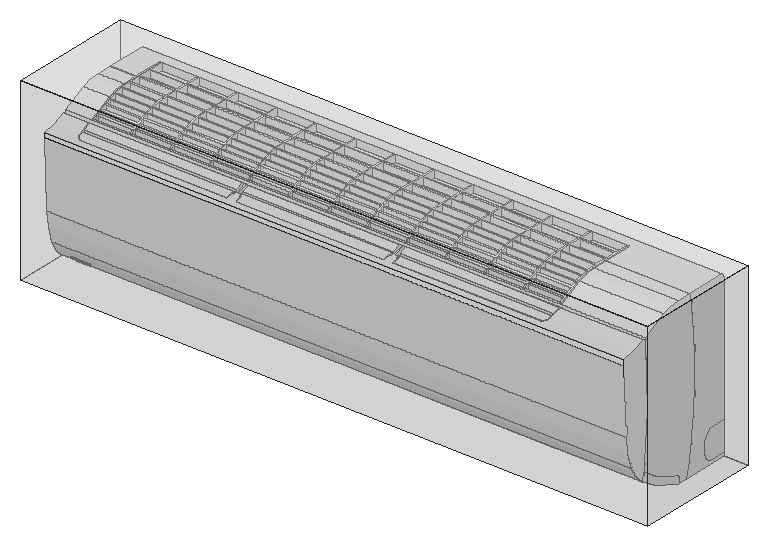
Revit family "outputfile", category 機械設備, Revit 2024
Family settings
  丸型コネクタ寸法 = 半径を使用
  パーツ タイプ = 標準
  OmniClass 番号 = 23.75.10.24.21.27.27
  OmniClass タイトル = Split System Air Conditioning Units
  作業面ベース = いいえ
  常に垂直 = はい
  ロード時にボイドで切り取り = いいえ
  注釈の向きを維持 = いいえ
  共有 = いいえ
  部屋計算ポイント = いいえ
Parameters (values of type "FAFC100AV1G")
  Description = ""
  製造元 = "Daikin"
  書き出し IFC クラス(タイプ) = "IfcUnitaryEquipmentType"
  定義済み IFC タイプ(タイプ) = "AIRCONDITIONINGUNIT"
  Cost = 0
  モデル = "FAFC100AV1G"
  Type Comments = ""
  Keynote = ""
  Type Image = (empty or 0)
  Assembly Code = ""
  switch_frequency = yes
  r_Liquid Pipe Size = Liquid Pipe Size / 2  # 4.75 mm
  r_Gas Pipe Size = Gas Pipe Size / 2  # 7.95 mm
  r_Drain Pipe Size = Drain Pipe Size / 2  # 6.5 mm
  lw_powersupply [instance] = if(Left Connection_refrigerant, 389.0 mm, if(Right Connection_refrigerant, 389.0 mm, if(or(Rear Left Connection_refrigerant, Bottom Left Connection_refrigerant), 1120.0 mm, 105.0 mm)))  # 389.0 mm
  lw_liquidpipe [instance] = if(Left Connection_refrigerant, 549.0 mm, if(Right Connection_refrigerant, 549.0 mm, if(or(Rear Left Connection_refrigerant, Bottom Left Connection_refrigerant), 1135.0 mm, 85.0 mm)))  # 549.0 mm
  lw_gaspipe [instance] = if(Left Connection_refrigerant, 489.0 mm, if(Right Connection_refrigerant, 489.0 mm, if(or(Rear Left Connection_refrigerant, Bottom Left Connection_refrigerant), 1150.0 mm, 70.0 mm)))  # 489.0 mm
  lw_drainpipe [instance] = if(Left Connection_refrigerant, 554.0 mm, if(Right Connection_refrigerant, 554.0 mm, if(or(Rear Left Connection_refrigerant, Bottom Left Connection_refrigerant), 1120.0 mm, 105.0 mm)))  # 554.0 mm
  l_powersupply_length [instance] = if(Right Connection_refrigerant, 389.0 mm, if(Left Connection_refrigerant, 811.0 mm, if(or(Rear Left Connection_refrigerant, Rear Right Connection_refrigerant), 15.0 mm, 50.0 mm)))  # 389.0 mm
  l_liquidpipe_length [instance] = if(Right Connection_refrigerant, 549.0 mm, if(Left Connection_refrigerant, 651.0 mm, if(or(Rear Left Connection_refrigerant, Rear Right Connection_refrigerant), 30.0 mm, 40.0 mm)))  # 549.0 mm
  l_gaspipe_length [instance] = if(Right Connection_refrigerant, 489.0 mm, if(Left Connection_refrigerant, 711.0 mm, if(or(Rear Left Connection_refrigerant, Rear Right Connection_refrigerant), 15.0 mm, 25.0 mm)))  # 489.0 mm
  l_drainpipe_length [instance] = if(Right Connection_refrigerant, 554.0 mm, if(Left Connection_refrigerant, 646.0 mm, if(or(Rear Left Connection_refrigerant, Rear Right Connection_refrigerant), 35.0 mm, 30.0 mm)))  # 554.0 mm
  h*** = 0.0 mm  # constant formula
  connector_voltage = Voltage_50Hz  # 230 V
  connector_powerinput = [Power Input (Cooling)]  # 0.000 kW
  connector_phase = Phase_50Hz  # 1
  angle_vertical [instance] = if(or(Bottom Left Connection_refrigerant, Bottom Right Connection_refrigerant), 0.00°, 90.00°)  # 90.00°
  angle_horizontal [instance] = if(Right Connection_refrigerant, 90.00°, if(Left Connection_refrigerant, -90.00°, if(or(Rear Left Connection_refrigerant, Rear Right Connection_refrigerant), 180.00°, 0.00°)))  # 90.00°
  Width = 1200.0 mm
  Voltage_comment_50Hz = "220 - 240"
  Voltage_50Hz = 230 V
  Version = "ver.1.0"
  Unit Type = "Wall Mounted"
  Unit Mass Weight = 18.00 kg
  Unit Designation [instance] = ""
  Uniclass2015Version = "Products v1.30"
  Uniclass2015Title = "Split coil room air conditioning units"
  Uniclass2015Code = "Pr_70_65_03_86"
  URL = ""
  Total Cooling Capacity [instance] = 0.000 kW
  Sound Pressure Level_M speed (dBA) = 48
  Sound Pressure Level_L speed (dBA) = 42
  Sound Pressure Level_H speed (dBA) = 53
  Sound Power Level_H speed (dB) = 0
  Series = "SkyAir_Fan Coil Unit"
  Sensible Cooling Capacity [instance] = 0.000 kW
  Refrigerant Type = "R32"
  Power Input (Cooling) = 0.000 kW
  Phase_50Hz = 1
  Option Accessory 3 [instance] = ""
  Option Accessory 2 [instance] = ""
  Option Accessory 1 [instance] = ""
  Nominal Cooling Capacity = 9.500 kW
  Minimum Circuit Amps_50Hz = 0.0 A
  Minimum Airflow = 1050.00 m³/h
  Median Airflow = 1290.00 m³/h
  Maximum Fuse Amps_50Hz = 0.0 A
  Maximum Airflow = 1530.00 m³/h
  Material_Casing = DAIKIN_PureWhite_Casing_indoorunit
  Load Classification = HVAC
  Liquid Pipe Size = 9.5 mm
  Link_Nested Family [instance] = ""
  IfcVersion = ""
  IfcExportType = "AIRCONDITIONINGUNIT"
  IfcExportAs = "IfcUnitaryEquipmentType"
  Height = 340.0 mm
  Heat Exchanger Type = "Cross Fin Coil"
  Gas Pipe Size = 15.9 mm
  Frequency_50Hz = 50 Hz
  Fan Type = "Cross Flow Fan"
  Fan Drive = "Direct Drive"
  FCU Tag No. [instance] = ""
  Drain Pipe Size = 13.0 mm
  Design Supply Airflow [instance] = 0.00 m³/h
  Depth = 259.0 mm
  既定の高さ = 0.0 mm
  Cooling Entering Wet Bulb Temperature [instance] = 0.00 °C
  Cooling Entering Dry Bulb Temperature [instance] = 0.00 °C
  Cooling Ambient Wet Bulb Temperature [instance] = 0.00 °C
  Cooling Ambient Dry Bulb Temperature [instance] = 0.00 °C
  Clearance visibility [instance] = yes
  Clearance Top = 30.0 mm
  Clearance Right = 50.0 mm
  Clearance Rear = 0.0 mm
  Clearance Left = 50.0 mm
  Clearance Front = 0.0 mm
  Clearance Bottom = 0.0 mm
  Bottom Right Connection_refrigerant [instance] = no
  Bottom Left Connection_refrigerant [instance] = no
  Rear Right Connection_refrigerant [instance] = no
  Rear Left Connection_refrigerant [instance] = no
  Right Connection_refrigerant [instance] = yes
  Left Connection_refrigerant [instance] = no
Reference planes
  plane 1 "Back": y = 0
  plane 2: z = 0
  plane 3 "Center (Left/Right)": x = 0
  plane 4 "Center (Front/Back)": y = -129.5
  plane 5 "Front": y = -259
  plane 6 "Left": x = -600
  plane 7 "Right": x = 600
  plane 8 "Top": z = 0
  plane 9 "Bottom": z = -340
  plane 10: x = -650
  plane 11: z = -340
  plane 12 "ld_drainpipe": y = -15
  plane 13 "ld_liquidpipe": y = -30
  plane 14: x = 111
  plane 15: x = 51
  plane 16: x = 46
  plane 17: z = 30
  plane 18: x = 650
  plane 19: y = 0
  plane 20: y = -259
  plane 21: x = 211
  plane 22: x = 511
  plane 23: y = -35
Forms (mm)
  Extrusion 1, solid, material "DAIKIN_PureWhite_Casing_indoorunit" <- "Material_Casing"
    sketch origin (0, 0, 0) x (1, 0, 0) y (0, 0, 1)
      loop
        circle (511, -295) r 40
      loop
        circle (-535, -295) r 40
    from 0 to 5
  Extrusion 2, solid, material "DAIKIN_PureWhite_Casing_indoorunit" <- "Material_Casing"
    sketch origin (600, 1296.25, 1200) x (0, -1, 0) y (0, 0, 1)
      loop
        line (1326.25, -1472) -> (1296.25, -1472) -> (1296.25, -1532) -> (1326.25, -1532)
        arc (1326.25, -1532) -> (1340.393, -1526.142) -> (1346.25, -1512) r 20
        line (1346.25, -1512) -> (1346.25, -1492)
        arc (1346.25, -1492) -> (1340.393, -1477.858) -> (1326.25, -1472) r 20
    from 0 to 5
  Extrusion 3, solid, material "DAIKIN_PureWhite_Casing_indoorunit" <- "Material_Casing"
    sketch origin (-600, 1296.25, 1200) x (0, 1, 0) y (0, 0, 1)
      loop
        line (-1296.25, -1472) -> (-1326.25, -1472)
        arc (-1326.25, -1472) -> (-1340.393, -1477.858) -> (-1346.25, -1492) r 20
        line (-1346.25, -1492) -> (-1346.25, -1512)
        arc (-1346.25, -1512) -> (-1340.393, -1526.142) -> (-1326.25, -1532) r 20
        line (-1326.25, -1532) -> (-1296.25, -1532) -> (-1296.25, -1472)
    from 0 to 5
  Extrusion 4, solid, material "DAIKIN_PureWhite_Casing_indoorunit" <- "Material_Casing"
    sketch origin (0, 0, -340) x (-1, 0, 0) y (0, -1, 0)
      loop
        line (-481, 0) -> (-481, 30)
        arc (-481, 30) -> (-486.858, 44.142) -> (-501, 50) r 20
        line (-501, 50) -> (-521, 50)
        arc (-521, 50) -> (-535.142, 44.142) -> (-541, 30) r 20
        line (-541, 30) -> (-541, 0) -> (-481, 0)
      loop
        line (565, 0) -> (565, 30)
        arc (565, 30) -> (559.142, 44.142) -> (545, 50) r 20
        line (545, 50) -> (525, 50)
        arc (525, 50) -> (510.858, 44.142) -> (505, 30) r 20
        line (505, 30) -> (505, 0) -> (565, 0)
    from 0 to 5
  Extrusion 5, solid, material "DAIKIN_PureWhite_Casing_indoorunit" <- "Material_Casing"
    sketch origin (-600, 1296.25, 1200) x (0, 1, 0) y (0, 0, 1)
      loop
        arc (-1384.085, -1200) -> (-1382.584, -1209.393) -> (-1381.156, -1218.797) r 1217.3
        arc (-1381.156, -1218.797) -> (-1378.93, -1237.783) -> (-1376.836, -1256.785) r 2738.4
        arc (-1376.836, -1256.785) -> (-1376.212, -1263.453) -> (-1375.66, -1270.127) r 616.9
        arc (-1375.66, -1270.127) -> (-1373.897, -1298.249) -> (-1372.816, -1326.405) r 1161.9
        arc (-1372.816, -1326.405) -> (-1372.551, -1347.31) -> (-1372.774, -1368.215) r 895.6
        arc (-1372.774, -1368.215) -> (-1373.847, -1397.407) -> (-1375.67, -1426.561) r 1135.9
        arc (-1375.67, -1426.561) -> (-1375.876, -1428.629) -> (-1376.05, -1430.7) r 137.566
        line (-1376.05, -1430.7) -> (-1376.748, -1437.825)
        arc (-1376.748, -1437.825) -> (-1376.846, -1438.875) -> (-1376.947, -1439.926) r 581.3
        arc (-1376.947, -1439.926) -> (-1378.672, -1455.935) -> (-1380.558, -1471.925) r 1594.373
        line (-1380.558, -1471.925) -> (-1381.15, -1476.7) -> (-1382.29, -1485.103)
        arc (-1382.29, -1485.103) -> (-1384.162, -1497.489) -> (-1386.134, -1509.86) r 1546.6
        arc (-1386.134, -1509.86) -> (-1388.869, -1524.943) -> (-1391.741, -1540) r 1684.8
        line (-1391.741, -1540) -> (-1296.25, -1540) -> (-1296.25, -1208) -> (-1301.25, -1200) -> (-1384.085, -1200)
    from 0 to 1200
  Extrusion 6, solid, material "DAIKIN_PureWhite_Casing_indoorunit" <- "Material_Casing"
    sketch origin (-600, 1296.25, 1200) x (0, 1, 0) y (0, 0, 1)
      loop
        arc (-1414.55, -1200) -> (-1434.024, -1201.914) -> (-1452.752, -1207.585) r 100
        arc (-1452.752, -1207.585) -> (-1476.474, -1218.33) -> (-1499.225, -1231) r 314.805
        line (-1499.225, -1231) -> (-1502.28, -1239.145)
        arc (-1502.28, -1239.145) -> (-1495.253, -1346.307) -> (-1501.778, -1453.5) r 851
        line (-1501.778, -1453.5) -> (-1501.982, -1455.13)
        arc (-1501.982, -1455.13) -> (-1503.516, -1466.618) -> (-1505.205, -1478.084) r 851
        arc (-1505.205, -1478.084) -> (-1474.895, -1497.904) -> (-1442.314, -1513.717) r 284.7
        arc (-1442.314, -1513.717) -> (-1431.603, -1517.85) -> (-1420.733, -1521.548) r 284.8
        arc (-1420.733, -1521.548) -> (-1416.044, -1524.921) -> (-1414.25, -1530.411) r 9.3
        line (-1414.25, -1530.411) -> (-1414.25, -1539.117)
        arc (-1414.25, -1539.117) -> (-1412.616, -1539.563) -> (-1410.98, -1540) r 299.8
        line (-1410.98, -1540) -> (-1391.741, -1540)
        arc (-1391.741, -1540) -> (-1389.65, -1529.113) -> (-1387.631, -1518.212) r 1684.8
        line (-1387.631, -1518.212) -> (-1386.731, -1513.212) -> (-1385.002, -1502.84)
        arc (-1385.002, -1502.84) -> (-1383.621, -1493.975) -> (-1382.29, -1485.103) r 1546.6
        line (-1382.29, -1485.103) -> (-1381.15, -1476.7) -> (-1380.558, -1471.925)
        arc (-1380.558, -1471.925) -> (-1378.672, -1455.935) -> (-1376.947, -1439.926) r 1594.373
        arc (-1376.947, -1439.926) -> (-1376.846, -1438.875) -> (-1376.75, -1437.8) r 581.3
        line (-1376.75, -1437.8) -> (-1376.05, -1430.7)
        arc (-1376.05, -1430.7) -> (-1375.876, -1428.629) -> (-1375.67, -1426.561) r 137.566
        arc (-1375.67, -1426.561) -> (-1373.847, -1397.407) -> (-1372.774, -1368.215) r 1135.9
        arc (-1372.774, -1368.215) -> (-1372.551, -1347.31) -> (-1372.816, -1326.405) r 895.6
        arc (-1372.816, -1326.405) -> (-1373.897, -1298.249) -> (-1375.66, -1270.127) r 1161.9
        arc (-1375.66, -1270.127) -> (-1376.212, -1263.453) -> (-1376.836, -1256.785) r 616.9
        arc (-1376.836, -1256.785) -> (-1378.693, -1239.872) -> (-1380.655, -1222.971) r 2738.4
        arc (-1380.655, -1222.971) -> (-1381.22, -1218.629) -> (-1381.831, -1214.293) r 417.8
        arc (-1381.831, -1214.293) -> (-1382.937, -1207.143) -> (-1384.085, -1200) r 1217.3
        line (-1384.085, -1200) -> (-1414.55, -1200)
    from 0 to 1200
  Extrusion 7, solid, material "DAIKIN_PureWhite_Casing_indoorunit" <- "Material_Casing"
    sketch origin (-600, 1296.25, 1200) x (0, 1, 0) y (0, 0, 1)
      loop
        arc (-1507.93, -1494.658) -> (-1478.905, -1512.844) -> (-1447.994, -1527.6) r 299.7
        arc (-1447.994, -1527.6) -> (-1431.293, -1533.86) -> (-1414.25, -1539.117) r 299.8
        line (-1414.25, -1539.117) -> (-1414.25, -1530.411)
        arc (-1414.25, -1530.411) -> (-1416.044, -1524.921) -> (-1420.733, -1521.548) r 9.3
        arc (-1420.733, -1521.548) -> (-1431.603, -1517.85) -> (-1442.314, -1513.717) r 284.8
        arc (-1442.314, -1513.717) -> (-1474.895, -1497.904) -> (-1505.205, -1478.084) r 284.7
        arc (-1505.205, -1478.084) -> (-1506.527, -1486.377) -> (-1507.93, -1494.658) r 851
    from 0 to 1200
  Extrusion 8, void
    sketch origin (-600, 1296.25, 1200) x (0, 1, 0) y (0, 0, 1)
      loop
        line (-1414.25, -1544.301) -> (-1414.25, -1530.411)
        arc (-1414.25, -1530.411) -> (-1416.044, -1524.921) -> (-1420.733, -1521.548) r 9.3
        arc (-1420.733, -1521.548) -> (-1431.603, -1517.85) -> (-1442.314, -1513.717) r 284.8
        arc (-1442.314, -1513.717) -> (-1474.895, -1497.904) -> (-1505.205, -1478.084) r 284.7
        arc (-1505.205, -1478.084) -> (-1506.979, -1489.099) -> (-1508.897, -1500.091) r 851
        arc (-1508.897, -1500.091) -> (-1480.28, -1517.791) -> (-1449.887, -1532.228) r 304.7
        arc (-1449.887, -1532.228) -> (-1432.255, -1538.815) -> (-1414.25, -1544.301) r 304.8
    from 47 to 1024
  Extrusion 9, solid, material "DAIKIN_PureWhite_Casing_indoorunit" <- "Material_Casing"
    sketch origin (-600, 1296.25, 1100) x (0, 1, 0) y (0, 0, 1)
      loop
        arc (-1507.885, -1394.678) -> (-1486.868, -1408.302) -> (-1464.786, -1420.124) r 299.701
        line (-1464.786, -1420.124) -> (-1458.696, -1407.518)
        arc (-1458.696, -1407.518) -> (-1482.692, -1394.492) -> (-1505.335, -1379.235) r 285.7
        arc (-1505.335, -1379.235) -> (-1506.574, -1386.963) -> (-1507.885, -1394.678) r 851.024
      loop
        arc (-1448.076, -1427.563) -> (-1441.661, -1430.104) -> (-1435.19, -1432.496) r 299.8
        line (-1435.19, -1432.496) -> (-1430.487, -1419.314)
        arc (-1430.487, -1419.314) -> (-1444.37, -1413.95) -> (-1457.955, -1407.87) r 285.8
        line (-1457.955, -1407.87) -> (-1464.006, -1420.505)
        arc (-1464.006, -1420.505) -> (-1456.092, -1424.15) -> (-1448.076, -1427.563) r 299.705
    from 52 to 1019
  Extrusion 10, solid, material "DAIKIN_PureWhite_Casing_indoorunit" <- "Material_Casing"
    sketch origin (-600, 1296.25, 1200) x (0, 1, 0) y (0, 0, 1)
      loop
        arc (-1507.918, -1494.588) -> (-1495.467, -1367.485) -> (-1502.176, -1239.949) r 851
        arc (-1502.176, -1239.949) -> (-1502.486, -1237.562) -> (-1502.803, -1235.176) r 851
        line (-1502.803, -1235.176) -> (-1504.147, -1234)
        arc (-1504.147, -1234) -> (-1529.2, -1243.032) -> (-1555.25, -1248.565) r 195
        line (-1555.25, -1248.565) -> (-1555.25, -1258.08)
        arc (-1555.25, -1258.08) -> (-1553.575, -1326.437) -> (-1549.278, -1394.679) r 1781.946
        arc (-1549.278, -1394.679) -> (-1544.581, -1427.054) -> (-1535.917, -1458.6) r 264.022
        arc (-1535.917, -1458.6) -> (-1524.928, -1478.936) -> (-1507.918, -1494.588) r 70.049
    from 0 to 1200
  Extrusion 11, void
    sketch origin (-600, 1296.25, 1200) x (0, 1, 0) y (0, 0, 1)
      loop
        line (-1496.75, -1223.686) -> (-1496.75, -1247.152)
        arc (-1496.75, -1247.152) -> (-1472.513, -1233.15) -> (-1447.076, -1221.469) r 299.805
        arc (-1447.076, -1221.469) -> (-1431.132, -1216.633) -> (-1414.55, -1215) r 85
        line (-1414.55, -1215) -> (-1324.05, -1215) -> (-1324.05, -1195) -> (-1414.55, -1195)
        arc (-1414.55, -1195) -> (-1434.988, -1197.008) -> (-1454.644, -1202.956) r 105
        arc (-1454.644, -1202.956) -> (-1476.078, -1212.547) -> (-1496.75, -1223.686) r 319.805
    from 53 to 1025
  Extrusion 12, solid, material "DAIKIN_PureWhite_Casing_indoorunit" <- "Material_Casing"
    sketch origin (-600, 1296.25, 1200) x (0, 1, 0) y (0, 0, 1)
      loop
        line (-1324.05, -1200) -> (-1414.55, -1200)
        arc (-1414.55, -1200) -> (-1434.024, -1201.914) -> (-1452.752, -1207.585) r 100
        arc (-1452.752, -1207.585) -> (-1475.18, -1217.682) -> (-1496.75, -1229.5) r 314.805
        line (-1496.75, -1229.5) -> (-1496.75, -1247.152)
        arc (-1496.75, -1247.152) -> (-1472.513, -1233.15) -> (-1447.076, -1221.469) r 299.805
        arc (-1447.076, -1221.469) -> (-1431.132, -1216.633) -> (-1414.55, -1215) r 85
        line (-1414.55, -1215) -> (-1324.05, -1215) -> (-1324.05, -1200)
    from 53 to 1025
  Extrusion 13, void
    sketch origin (0, 0, 770.025) x (-1, 0, 0) y (0, -1, 0)
      loop
        arc (546.513, 235.15) -> (542.989, 242.307) -> (535.554, 245.2) r 11
        line (535.554, 245.2) -> (233.402, 245.2) -> (233.402, 231.7) -> (230.402, 231.7) -> (230.402, 227.2) -> (225.152, 227.2) -> (225.152, 206.552) -> (550.37, 206.552)
        arc (550.37, 206.552) -> (549.357, 206.947) -> (548.876, 207.923) r 1.5
        line (548.876, 207.923) -> (546.513, 235.15)
      loop
        arc (-413.554, 245.2) -> (-420.989, 242.307) -> (-424.513, 235.15) r 11
        line (-424.513, 235.15) -> (-426.876, 207.923)
        arc (-426.876, 207.923) -> (-427.357, 206.947) -> (-428.371, 206.552) r 1.5
        line (-428.371, 206.552) -> (-102.848, 206.552) -> (-102.848, 227.2) -> (-108.098, 227.2) -> (-108.098, 231.7) -> (-111.098, 231.7) -> (-111.098, 245.2) -> (-413.554, 245.2)
      loop
        line (222.652, 206.552) -> (222.652, 227.2) -> (217.402, 227.2) -> (217.402, 231.7) -> (214.402, 231.7) -> (214.402, 245.2) -> (-92.098, 245.2) -> (-92.098, 231.7) -> (-95.098, 231.7) -> (-95.098, 227.2) -> (-100.348, 227.2) -> (-100.348, 206.552) -> (222.652, 206.552)
    from -820.404 to -800.025
  Extrusion 14, solid, material "DAIKIN_PureWhite_Casing_indoorunit" <- "Material_Casing"
    sketch origin (0, 0, 820.025) x (-1, 0, 0) y (0, -1, 0)
      loop
        arc (546.513, 235.15) -> (542.989, 242.307) -> (535.554, 245.2) r 11
        line (535.554, 245.2) -> (233.402, 245.2) -> (233.402, 231.7) -> (230.402, 231.7) -> (230.402, 227.2) -> (547.202, 227.2) -> (546.513, 235.15)
      loop
        arc (-413.554, 245.2) -> (-420.989, 242.307) -> (-424.513, 235.15) r 11
        line (-424.513, 235.15) -> (-425.202, 227.2) -> (-108.098, 227.2) -> (-108.098, 231.7) -> (-111.098, 231.7) -> (-111.098, 245.2) -> (-413.554, 245.2)
      loop
        line (548.876, 207.897) -> (547.566, 223) -> (230.402, 223) -> (230.402, 206.552) -> (550.37, 206.552)
        arc (550.37, 206.552) -> (549.357, 206.947) -> (548.876, 207.897) r 1.5
      loop
        line (-108.098, 206.552) -> (-108.098, 223) -> (-425.567, 223) -> (-426.876, 207.923)
        arc (-426.876, 207.923) -> (-427.357, 206.947) -> (-428.371, 206.552) r 1.5
        line (-428.371, 206.552) -> (-108.098, 206.552)
      loop
        line (217.402, 206.552) -> (217.402, 223) -> (-95.098, 223) -> (-95.098, 206.552) -> (217.402, 206.552)
      loop
        line (214.402, 245.2) -> (-92.098, 245.2) -> (-92.098, 231.7) -> (-95.098, 231.7) -> (-95.098, 227.2) -> (217.402, 227.2) -> (217.402, 231.7) -> (214.402, 231.7) -> (214.402, 245.2)
    from -869.974 to -850.025
  Extrusion 15, void
    sketch origin (-600, 1296.25, 1200) x (0, 1, 0) y (0, 0, 1)
      loop
        line (-1504.147, -1234) -> (-1502.803, -1235.176) -> (-1502.803, -1226.787) -> (-1541.45, -1226.787) -> (-1541.45, -1246.098)
        arc (-1541.45, -1246.098) -> (-1522.494, -1240.989) -> (-1504.147, -1234) r 195
    from 42.955 to 1056.244
  Extrusion 16, void
    sketch origin (2000, -3000, 770.025) x (-1, 0, 0) y (0, -1, 0)
      loop
        line (2469.102, -2972.2) -> (2543, -2972.2) -> (2543, -2944.306) -> (2469.102, -2944.306) -> (2469.102, -2972.2)
      loop
        line (2469.102, -2806.638) -> (2543, -2806.638) -> (2543, -2799.5) -> (2469.102, -2799.5) -> (2469.102, -2806.638)
      loop
        line (2469.102, -2816.646) -> (2543, -2816.646) -> (2543, -2809.343) -> (2469.102, -2809.343) -> (2469.102, -2816.646)
      loop
        line (2469.102, -2827.654) -> (2543, -2827.654) -> (2543, -2819.336) -> (2469.102, -2819.336) -> (2469.102, -2827.654)
      loop
        line (2469.102, -2838.661) -> (2543, -2838.661) -> (2543, -2830.33) -> (2469.102, -2830.33) -> (2469.102, -2838.661)
      loop
        line (2469.102, -2852.675) -> (2543, -2852.675) -> (2543, -2841.325) -> (2469.102, -2841.325) -> (2469.102, -2852.675)
      loop
        line (2469.102, -2868.69) -> (2543, -2868.69) -> (2543, -2855.314) -> (2469.102, -2855.314) -> (2469.102, -2868.69)
      loop
        line (2469.102, -2889.694) -> (2543, -2889.694) -> (2543, -2871.306) -> (2469.102, -2871.306) -> (2469.102, -2889.694)
      loop
        line (2469.102, -2913.694) -> (2543, -2913.694) -> (2543, -2892.306) -> (2469.102, -2892.306) -> (2469.102, -2913.694)
      loop
        line (2469.102, -2941.694) -> (2543, -2941.694) -> (2543, -2916.306) -> (2469.102, -2916.306) -> (2469.102, -2941.694)
      loop
        line (2387.902, -2972.2) -> (2466.102, -2972.2) -> (2466.102, -2944.306) -> (2387.902, -2944.306) -> (2387.902, -2972.2)
      loop
        line (2387.902, -2806.638) -> (2466.102, -2806.638) -> (2466.102, -2799.5) -> (2387.902, -2799.5) -> (2387.902, -2806.638)
      loop
        line (2387.902, -2816.646) -> (2466.102, -2816.646) -> (2466.102, -2809.343) -> (2387.902, -2809.343) -> (2387.902, -2816.646)
      loop
        line (2387.902, -2827.654) -> (2466.102, -2827.654) -> (2466.102, -2819.336) -> (2387.902, -2819.336) -> (2387.902, -2827.654)
      loop
        line (2387.902, -2838.661) -> (2466.102, -2838.661) -> (2466.102, -2830.33) -> (2387.902, -2830.33) -> (2387.902, -2838.661)
      loop
        line (2387.902, -2852.675) -> (2466.102, -2852.675) -> (2466.102, -2841.325) -> (2387.902, -2841.325) -> (2387.902, -2852.675)
      loop
        line (2387.902, -2868.69) -> (2466.102, -2868.69) -> (2466.102, -2855.314) -> (2387.902, -2855.314) -> (2387.902, -2868.69)
      loop
        line (2387.902, -2889.694) -> (2466.102, -2889.694) -> (2466.102, -2871.306) -> (2387.902, -2871.306) -> (2387.902, -2889.694)
      loop
        line (2387.902, -2913.694) -> (2466.102, -2913.694) -> (2466.102, -2892.306) -> (2387.902, -2892.306) -> (2387.902, -2913.694)
      loop
        line (2387.902, -2941.694) -> (2466.102, -2941.694) -> (2466.102, -2916.306) -> (2387.902, -2916.306) -> (2387.902, -2941.694)
      loop
        line (2225.152, -2972.2) -> (2303.702, -2972.2) -> (2303.702, -2944.306) -> (2225.152, -2944.306) -> (2225.152, -2972.2)
      loop
        line (2225.152, -2806.638) -> (2303.702, -2806.638) -> (2303.702, -2799.5) -> (2225.152, -2799.5) -> (2225.152, -2806.638)
      loop
        line (2225.152, -2816.646) -> (2303.702, -2816.646) -> (2303.702, -2809.343) -> (2225.152, -2809.343) -> (2225.152, -2816.646)
      loop
        line (2225.152, -2827.654) -> (2303.702, -2827.654) -> (2303.702, -2819.336) -> (2225.152, -2819.336) -> (2225.152, -2827.654)
      loop
        line (2225.152, -2838.661) -> (2303.702, -2838.661) -> (2303.702, -2830.33) -> (2225.152, -2830.33) -> (2225.152, -2838.661)
      loop
        line (2225.152, -2852.675) -> (2303.702, -2852.675) -> (2303.702, -2841.325) -> (2225.152, -2841.325) -> (2225.152, -2852.675)
      loop
        line (2225.152, -2868.69) -> (2303.702, -2868.69) -> (2303.702, -2855.314) -> (2225.152, -2855.314) -> (2225.152, -2868.69)
      loop
        line (2225.152, -2889.694) -> (2303.702, -2889.694) -> (2303.702, -2871.306) -> (2225.152, -2871.306) -> (2225.152, -2889.694)
      loop
        line (2225.152, -2913.694) -> (2303.702, -2913.694) -> (2303.702, -2892.306) -> (2225.152, -2892.306) -> (2225.152, -2913.694)
      loop
        line (2225.152, -2941.694) -> (2303.702, -2941.694) -> (2303.702, -2916.306) -> (2225.152, -2916.306) -> (2225.152, -2941.694)
      loop
        line (2306.702, -2972.2) -> (2384.902, -2972.2) -> (2384.902, -2944.306) -> (2306.702, -2944.306) -> (2306.702, -2972.2)
      loop
        line (2306.702, -2806.638) -> (2384.902, -2806.638) -> (2384.902, -2799.5) -> (2306.702, -2799.5) -> (2306.702, -2806.638)
      loop
        line (2306.702, -2816.646) -> (2384.902, -2816.646) -> (2384.902, -2809.343) -> (2306.702, -2809.343) -> (2306.702, -2816.646)
      loop
        line (2306.702, -2827.654) -> (2384.902, -2827.654) -> (2384.902, -2819.336) -> (2306.702, -2819.336) -> (2306.702, -2827.654)
      loop
        line (2306.702, -2838.661) -> (2384.902, -2838.661) -> (2384.902, -2830.33) -> (2306.702, -2830.33) -> (2306.702, -2838.661)
      loop
        line (2306.702, -2852.675) -> (2384.902, -2852.675) -> (2384.902, -2841.325) -> (2306.702, -2841.325) -> (2306.702, -2852.675)
      loop
        line (2306.702, -2868.69) -> (2384.902, -2868.69) -> (2384.902, -2855.314) -> (2306.702, -2855.314) -> (2306.702, -2868.69)
      loop
        line (2306.702, -2889.694) -> (2384.902, -2889.694) -> (2384.902, -2871.306) -> (2306.702, -2871.306) -> (2306.702, -2889.694)
      loop
        line (2306.702, -2913.694) -> (2384.902, -2913.694) -> (2384.902, -2892.306) -> (2306.702, -2892.306) -> (2306.702, -2913.694)
      loop
        line (2306.702, -2941.694) -> (2384.902, -2941.694) -> (2384.902, -2916.306) -> (2306.702, -2916.306) -> (2306.702, -2941.694)
      loop
        line (2143.602, -2972.2) -> (2222.652, -2972.2) -> (2222.652, -2944.306) -> (2143.602, -2944.306) -> (2143.602, -2972.2)
      loop
        line (2143.602, -2806.638) -> (2222.652, -2806.638) -> (2222.652, -2799.5) -> (2143.602, -2799.5) -> (2143.602, -2806.638)
      loop
        line (2143.602, -2816.646) -> (2222.652, -2816.646) -> (2222.652, -2809.343) -> (2143.602, -2809.343) -> (2143.602, -2816.646)
      loop
        line (2143.602, -2827.654) -> (2222.652, -2827.654) -> (2222.652, -2819.336) -> (2143.602, -2819.336) -> (2143.602, -2827.654)
      loop
        line (2143.602, -2838.661) -> (2222.652, -2838.661) -> (2222.652, -2830.33) -> (2143.602, -2830.33) -> (2143.602, -2838.661)
      loop
        line (2143.602, -2852.675) -> (2222.652, -2852.675) -> (2222.652, -2841.325) -> (2143.602, -2841.325) -> (2143.602, -2852.675)
      loop
        line (2143.602, -2868.69) -> (2222.652, -2868.69) -> (2222.652, -2855.314) -> (2143.602, -2855.314) -> (2143.602, -2868.69)
      loop
        line (2143.602, -2889.694) -> (2222.652, -2889.694) -> (2222.652, -2871.306) -> (2143.602, -2871.306) -> (2143.602, -2889.694)
      loop
        line (2143.602, -2913.694) -> (2222.652, -2913.694) -> (2222.652, -2892.306) -> (2143.602, -2892.306) -> (2143.602, -2913.694)
      loop
        line (2143.602, -2941.694) -> (2222.652, -2941.694) -> (2222.652, -2916.306) -> (2143.602, -2916.306) -> (2143.602, -2941.694)
      loop
        line (2062.402, -2972.2) -> (2140.602, -2972.2) -> (2140.602, -2944.306) -> (2062.402, -2944.306) -> (2062.402, -2972.2)
      loop
        line (2062.402, -2806.638) -> (2140.602, -2806.638) -> (2140.602, -2799.5) -> (2062.402, -2799.5) -> (2062.402, -2806.638)
      loop
        line (2062.402, -2816.646) -> (2140.602, -2816.646) -> (2140.602, -2809.343) -> (2062.402, -2809.343) -> (2062.402, -2816.646)
      loop
        line (2062.402, -2827.654) -> (2140.602, -2827.654) -> (2140.602, -2819.336) -> (2062.402, -2819.336) -> (2062.402, -2827.654)
      loop
        line (2062.402, -2838.661) -> (2140.602, -2838.661) -> (2140.602, -2830.33) -> (2062.402, -2830.33) -> (2062.402, -2838.661)
      loop
        line (2062.402, -2852.675) -> (2140.602, -2852.675) -> (2140.602, -2841.325) -> (2062.402, -2841.325) -> (2062.402, -2852.675)
      loop
        line (2062.402, -2868.69) -> (2140.602, -2868.69) -> (2140.602, -2855.314) -> (2062.402, -2855.314) -> (2062.402, -2868.69)
      loop
        line (2062.402, -2889.694) -> (2140.602, -2889.694) -> (2140.602, -2871.306) -> (2062.402, -2871.306) -> (2062.402, -2889.694)
      loop
        line (2062.402, -2913.694) -> (2140.602, -2913.694) -> (2140.602, -2892.306) -> (2062.402, -2892.306) -> (2062.402, -2913.694)
      loop
        line (2062.402, -2941.694) -> (2140.602, -2941.694) -> (2140.602, -2916.306) -> (2062.402, -2916.306) -> (2062.402, -2941.694)
      loop
        line (1981.202, -2972.2) -> (2059.402, -2972.2) -> (2059.402, -2944.306) -> (1981.202, -2944.306) -> (1981.202, -2972.2)
      loop
        line (1981.202, -2806.638) -> (2059.402, -2806.638) -> (2059.402, -2799.5) -> (1981.202, -2799.5) -> (1981.202, -2806.638)
      loop
        line (1981.202, -2816.646) -> (2059.402, -2816.646) -> (2059.402, -2809.343) -> (1981.202, -2809.343) -> (1981.202, -2816.646)
      loop
        line (1981.202, -2827.654) -> (2059.402, -2827.654) -> (2059.402, -2819.336) -> (1981.202, -2819.336) -> (1981.202, -2827.654)
      loop
        line (1981.202, -2838.661) -> (2059.402, -2838.661) -> (2059.402, -2830.33) -> (1981.202, -2830.33) -> (1981.202, -2838.661)
      loop
        line (1981.202, -2852.675) -> (2059.402, -2852.675) -> (2059.402, -2841.325) -> (1981.202, -2841.325) -> (1981.202, -2852.675)
      loop
        line (1981.202, -2868.69) -> (2059.402, -2868.69) -> (2059.402, -2855.314) -> (1981.202, -2855.314) -> (1981.202, -2868.69)
      loop
        line (1981.202, -2889.694) -> (2059.402, -2889.694) -> (2059.402, -2871.306) -> (1981.202, -2871.306) -> (1981.202, -2889.694)
      loop
        line (1981.202, -2913.694) -> (2059.402, -2913.694) -> (2059.402, -2892.306) -> (1981.202, -2892.306) -> (1981.202, -2913.694)
      loop
        line (1981.202, -2941.694) -> (2059.402, -2941.694) -> (2059.402, -2916.306) -> (1981.202, -2916.306) -> (1981.202, -2941.694)
      loop
        line (1899.652, -2972.2) -> (1978.202, -2972.2) -> (1978.202, -2944.306) -> (1899.652, -2944.306) -> (1899.652, -2972.2)
      loop
        line (1899.652, -2806.638) -> (1978.202, -2806.638) -> (1978.202, -2799.5) -> (1899.652, -2799.5) -> (1899.652, -2806.638)
      loop
        line (1899.652, -2816.646) -> (1978.202, -2816.646) -> (1978.202, -2809.343) -> (1899.652, -2809.343) -> (1899.652, -2816.646)
      loop
        line (1899.652, -2827.654) -> (1978.202, -2827.654) -> (1978.202, -2819.336) -> (1899.652, -2819.336) -> (1899.652, -2827.654)
      loop
        line (1899.652, -2838.661) -> (1978.202, -2838.661) -> (1978.202, -2830.33) -> (1899.652, -2830.33) -> (1899.652, -2838.661)
      loop
        line (1899.652, -2852.675) -> (1978.202, -2852.675) -> (1978.202, -2841.325) -> (1899.652, -2841.325) -> (1899.652, -2852.675)
      loop
        line (1899.652, -2868.69) -> (1978.202, -2868.69) -> (1978.202, -2855.314) -> (1899.652, -2855.314) -> (1899.652, -2868.69)
      loop
        line (1899.652, -2889.694) -> (1978.202, -2889.694) -> (1978.202, -2871.306) -> (1899.652, -2871.306) -> (1899.652, -2889.694)
      loop
        line (1899.652, -2913.694) -> (1978.202, -2913.694) -> (1978.202, -2892.306) -> (1899.652, -2892.306) -> (1899.652, -2913.694)
      loop
        line (1899.652, -2941.694) -> (1978.202, -2941.694) -> (1978.202, -2916.306) -> (1899.652, -2916.306) -> (1899.652, -2941.694)
      loop
        line (1818.102, -2972.2) -> (1897.152, -2972.2) -> (1897.152, -2944.306) -> (1818.102, -2944.306) -> (1818.102, -2972.2)
      loop
        line (1818.102, -2806.638) -> (1897.152, -2806.638) -> (1897.152, -2799.5) -> (1818.102, -2799.5) -> (1818.102, -2806.638)
      loop
        line (1818.102, -2816.646) -> (1897.152, -2816.646) -> (1897.152, -2809.343) -> (1818.102, -2809.343) -> (1818.102, -2816.646)
      loop
        line (1818.102, -2827.654) -> (1897.152, -2827.654) -> (1897.152, -2819.336) -> (1818.102, -2819.336) -> (1818.102, -2827.654)
      loop
        line (1818.102, -2838.661) -> (1897.152, -2838.661) -> (1897.152, -2830.33) -> (1818.102, -2830.33) -> (1818.102, -2838.661)
      loop
        line (1818.102, -2852.675) -> (1897.152, -2852.675) -> (1897.152, -2841.325) -> (1818.102, -2841.325) -> (1818.102, -2852.675)
      loop
        line (1818.102, -2868.69) -> (1897.152, -2868.69) -> (1897.152, -2855.314) -> (1818.102, -2855.314) -> (1818.102, -2868.69)
      loop
        line (1818.102, -2889.694) -> (1897.152, -2889.694) -> (1897.152, -2871.306) -> (1818.102, -2871.306) -> (1818.102, -2889.694)
      loop
        line (1818.102, -2913.694) -> (1897.152, -2913.694) -> (1897.152, -2892.306) -> (1818.102, -2892.306) -> (1818.102, -2913.694)
      loop
        line (1818.102, -2941.694) -> (1897.152, -2941.694) -> (1897.152, -2916.306) -> (1818.102, -2916.306) -> (1818.102, -2941.694)
      loop
        line (1736.902, -2972.2) -> (1815.102, -2972.2) -> (1815.102, -2944.306) -> (1736.902, -2944.306) -> (1736.902, -2972.2)
      loop
        line (1736.902, -2806.638) -> (1815.102, -2806.638) -> (1815.102, -2799.5) -> (1736.902, -2799.5) -> (1736.902, -2806.638)
      loop
        line (1736.902, -2816.646) -> (1815.102, -2816.646) -> (1815.102, -2809.343) -> (1736.902, -2809.343) -> (1736.902, -2816.646)
      loop
        line (1736.902, -2827.654) -> (1815.102, -2827.654) -> (1815.102, -2819.336) -> (1736.902, -2819.336) -> (1736.902, -2827.654)
      loop
        line (1736.902, -2838.661) -> (1815.102, -2838.661) -> (1815.102, -2830.33) -> (1736.902, -2830.33) -> (1736.902, -2838.661)
      loop
        line (1736.902, -2852.675) -> (1815.102, -2852.675) -> (1815.102, -2841.325) -> (1736.902, -2841.325) -> (1736.902, -2852.675)
      loop
        line (1736.902, -2868.69) -> (1815.102, -2868.69) -> (1815.102, -2855.314) -> (1736.902, -2855.314) -> (1736.902, -2868.69)
      loop
        line (1736.902, -2889.694) -> (1815.102, -2889.694) -> (1815.102, -2871.306) -> (1736.902, -2871.306) -> (1736.902, -2889.694)
      loop
        line (1736.902, -2913.694) -> (1815.102, -2913.694) -> (1815.102, -2892.306) -> (1736.902, -2892.306) -> (1736.902, -2913.694)
      loop
        line (1736.902, -2941.694) -> (1815.102, -2941.694) -> (1815.102, -2916.306) -> (1736.902, -2916.306) -> (1736.902, -2941.694)
      loop
        line (1655.702, -2972.2) -> (1733.902, -2972.2) -> (1733.902, -2944.306) -> (1655.702, -2944.306) -> (1655.702, -2972.2)
      loop
        line (1655.702, -2806.638) -> (1733.902, -2806.638) -> (1733.902, -2799.5) -> (1655.702, -2799.5) -> (1655.702, -2806.638)
      loop
        line (1655.702, -2816.646) -> (1733.902, -2816.646) -> (1733.902, -2809.343) -> (1655.702, -2809.343) -> (1655.702, -2816.646)
      loop
        line (1655.702, -2827.654) -> (1733.902, -2827.654) -> (1733.902, -2819.336) -> (1655.702, -2819.336) -> (1655.702, -2827.654)
      loop
        line (1655.702, -2838.661) -> (1733.902, -2838.661) -> (1733.902, -2830.33) -> (1655.702, -2830.33) -> (1655.702, -2838.661)
      loop
        line (1655.702, -2852.675) -> (1733.902, -2852.675) -> (1733.902, -2841.325) -> (1655.702, -2841.325) -> (1655.702, -2852.675)
      loop
        line (1655.702, -2868.69) -> (1733.902, -2868.69) -> (1733.902, -2855.314) -> (1655.702, -2855.314) -> (1655.702, -2868.69)
      loop
        line (1655.702, -2889.694) -> (1733.902, -2889.694) -> (1733.902, -2871.306) -> (1655.702, -2871.306) -> (1655.702, -2889.694)
      loop
        line (1655.702, -2913.694) -> (1733.902, -2913.694) -> (1733.902, -2892.306) -> (1655.702, -2892.306) -> (1655.702, -2913.694)
      loop
        line (1655.702, -2941.694) -> (1733.902, -2941.694) -> (1733.902, -2916.306) -> (1655.702, -2916.306) -> (1655.702, -2941.694)
      loop
        line (1579, -2972.2) -> (1652.702, -2972.2) -> (1652.702, -2944.306) -> (1579, -2944.306) -> (1579, -2972.2)
      loop
        line (1579, -2806.638) -> (1652.702, -2806.638) -> (1652.702, -2799.5) -> (1579, -2799.5) -> (1579, -2806.638)
      loop
        line (1579, -2816.646) -> (1652.702, -2816.646) -> (1652.702, -2809.343) -> (1579, -2809.343) -> (1579, -2816.646)
      loop
        line (1579, -2827.654) -> (1652.702, -2827.654) -> (1652.702, -2819.336) -> (1579, -2819.336) -> (1579, -2827.654)
      loop
        line (1579, -2838.661) -> (1652.702, -2838.661) -> (1652.702, -2830.33) -> (1579, -2830.33) -> (1579, -2838.661)
      loop
        line (1579, -2852.675) -> (1652.702, -2852.675) -> (1652.702, -2841.325) -> (1579, -2841.325) -> (1579, -2852.675)
      loop
        line (1579, -2868.69) -> (1652.702, -2868.69) -> (1652.702, -2855.314) -> (1579, -2855.314) -> (1579, -2868.69)
      loop
        line (1579, -2889.694) -> (1652.702, -2889.694) -> (1652.702, -2871.306) -> (1579, -2871.306) -> (1579, -2889.694)
      loop
        line (1579, -2913.694) -> (1652.702, -2913.694) -> (1652.702, -2892.306) -> (1579, -2892.306) -> (1579, -2913.694)
      loop
        line (1579, -2941.694) -> (1652.702, -2941.694) -> (1652.702, -2916.306) -> (1579, -2916.306) -> (1579, -2941.694)
    from -762.353 to -819.974
Cuts and joins
  Extrusion 8 cuts Extrusion 7
  Extrusion 11 cuts Extrusion 5
  Extrusion 11 cuts Extrusion 6
  Extrusion 13 cuts Extrusion 10
  Extrusion 15 cuts Extrusion 14
  Extrusion 16 cuts Extrusion 12
Lines and regions (mm)
  reference lines
    curve 1: line (-523, -227.534, -280.336) -> (-523, -220.902, -287.82)
Dimensions and locks
  equal spacing: plane 6 "Left", plane 3 "Center (Left/Right)", plane 7 "Right"
  "Width": plane 6 "Left" to plane 7 "Right"
  equal spacing: plane 5 "Front", plane 4 "Center (Front/Back)", plane 1 "Back"
  "Depth": plane 5 "Front" to plane 1 "Back"
  "Height": plane 8 "Top" to plane 9 "Bottom"
  "Clearance Bottom": plane 9 "Bottom" to plane 11
  locked: plane 9 "Bottom" to Extrusion 1 sketch curve at 45  (x2)
  locked: Extrusion 1 sketch curve to plane 6 "Left" at 65
  locked: plane 7 "Right" to Extrusion 1 sketch curve at 89
  locked: plane 12 "ld_drainpipe" to plane 1 "Back" at 15
  locked: plane 1 "Back" to plane 13 "ld_liquidpipe" at 30
  Extrusion 2 sketch curve to Extrusion 2 sketch curve to plane 9 "Bottom" = 60.0 mm locked, 8.0 mm locked
  locked: Extrusion 2 sketch curve to Extrusion 2 sketch curve at 50
  locked: Extrusion 4 sketch curve to Extrusion 4 sketch curve at 60  (x2)
  locked: Extrusion 4 sketch curve to Extrusion 4 sketch curve at 50
  locked: plane 6 "Left" to Extrusion 4 sketch curve at 35
  "Clearance Left": plane 10 to plane 6 "Left"
  locked: Extrusion 4 sketch curve to plane 7 "Right" at 59
  "Clearance Top": plane 17 to plane 8 "Top"
  "Clearance Right": plane 7 "Right" to plane 18
  "Clearance Rear": plane 1 "Back" to plane 19
  "Clearance Front": plane 20 to plane 5 "Front"
  locked: plane 22 to plane 7 "Right" at 89
  "lw_powersupply": plane 21 to plane 7 "Right"
  "lw_gaspipe": plane 14 to plane 7 "Right"
  "lw_liquidpipe": plane 15 to plane 7 "Right"
  "lw_drainpipe": plane 16 to plane 7 "Right"
  locked: plane 23 to plane 1 "Back" at 35
  aligned and locked: level to plane 2
  aligned and locked: plane 10 to nested 1
  aligned and locked: plane 11 to nested 1
  aligned and locked: plane 1 "Back" to Extrusion 2 sketch curve
  aligned and locked: Extrusion 3 sketch curve to Extrusion 2  (x4)
  aligned and locked: Extrusion 4 sketch curve to Extrusion 4 sketch curve  (x2)
  aligned and locked: plane 1 "Back" to Extrusion 4 sketch curve
  aligned and locked: nested 4 to plane 13 "ld_liquidpipe"
  aligned and locked: nested 5 to plane 12 "ld_drainpipe"
  aligned and locked: level to plane 8 "Top"
  aligned and locked: Extrusion 5 to plane 6 "Left"
  aligned and locked: Extrusion 5 to plane 7 "Right"
  aligned and locked: Extrusion 6 to plane 6 "Left"
  aligned and locked: Extrusion 6 to plane 7 "Right"
  aligned and locked: Extrusion 7 to plane 6 "Left"
  aligned and locked: Extrusion 7 to plane 7 "Right"
  aligned and locked: Extrusion 10 to plane 6 "Left"
  aligned and locked: plane 7 "Right" to Extrusion 10
  aligned and locked: nested 5 to plane 14
  aligned and locked: nested 4 to plane 15
  aligned and locked: nested 3 to plane 16
  aligned and locked: plane 17 to nested 1
  aligned and locked: nested 1 to plane 18
  aligned and locked: nested 1 to plane 19
  aligned and locked: plane 20 to nested 1
  aligned and locked: nested 6 to plane 12 "ld_drainpipe"
  aligned and locked: plane 21 to nested 6
  aligned and locked: plane 23 to nested 3
Automatic sketch dimensions
  Extrusion 2 sketch curve to plane 13 "ld_liquidpipe" = 0.0 mm  (x2)
  Extrusion 4 sketch curve to plane 13 "ld_liquidpipe" = 0.0 mm  (x4)
  Extrusion 5 sketch curve to plane 9 "Bottom" = 0.0 mm
  Extrusion 5 sketch curve to level = 0.0 mm
  Extrusion 5 sketch curve to plane 1 "Back" = 0.0 mm
  plane 1 "Back" to Extrusion 5 sketch curve = 5.0 mm
  Extrusion 5 sketch curve to Extrusion 5 sketch curve = 4.508 mm
  Extrusion 5 sketch curve to Extrusion 5 sketch curve = 0.592 mm
  Extrusion 5 sketch curve to Extrusion 5 sketch curve = 1.14 mm
  Extrusion 5 sketch curve to Extrusion 5 sketch curve = 82.835 mm
  Extrusion 5 sketch curve to Extrusion 5 sketch curve = 9.451 mm
  Extrusion 5 sketch curve to Extrusion 5 sketch curve = 35.18 mm
  Extrusion 5 sketch curve to Extrusion 5 sketch curve = 277.42 mm
  Extrusion 5 sketch curve to Extrusion 5 sketch curve = 240.2 mm
  Extrusion 5 sketch curve to Extrusion 5 sketch curve = 25.965 mm
  Extrusion 5 sketch curve to Extrusion 5 sketch curve = 51.052 mm
  Extrusion 5 sketch curve to Extrusion 5 sketch curve = 327.082 mm
  Extrusion 5 sketch curve to Extrusion 5 sketch curve = 50.537 mm
  Extrusion 5 sketch curve to level = 16.8 mm
  Extrusion 5 sketch curve to Extrusion 5 sketch curve = 82.263 mm
  Extrusion 5 sketch curve to plane 9 "Bottom" = 7.229 mm
  Extrusion 5 sketch curve to Extrusion 5 sketch curve = 1054.539 mm
  Extrusion 5 sketch curve to plane 1 "Back" = 57.362 mm
  Extrusion 5 sketch curve to Extrusion 5 sketch curve = 41.225 mm
  Extrusion 5 sketch curve to Extrusion 5 sketch curve = 15.795 mm
  Extrusion 5 sketch curve to level = 8.0 mm
  Extrusion 5 sketch curve to Extrusion 5 sketch curve = 0.042 mm
  Extrusion 5 sketch curve to Extrusion 5 sketch curve = 0.697 mm
  Extrusion 5 sketch curve to Extrusion 5 sketch curve = 0.003 mm
  Extrusion 5 sketch curve to Extrusion 5 sketch curve = 1.176 mm
  Extrusion 5 sketch curve to Extrusion 5 sketch curve = 0.199 mm
  Extrusion 5 sketch curve to Extrusion 5 sketch curve = 0.025 mm
  Extrusion 6 sketch curve to Extrusion 6 sketch curve = 0.0 mm  (x6)
  Extrusion 6 sketch curve to level = 0.0 mm
  Extrusion 6 sketch curve to plane 9 "Bottom" = 0.0 mm
  Extrusion 6 sketch curve to plane 9 "Bottom" = 7.229 mm
  Extrusion 6 sketch curve to level = 16.8 mm
  Extrusion 6 sketch curve to Extrusion 6 sketch curve = 1054.539 mm
  Extrusion 6 sketch curve to Extrusion 6 sketch curve = 82.263 mm
  Extrusion 6 sketch curve to Extrusion 6 sketch curve = 50.537 mm
  Extrusion 6 sketch curve to Extrusion 6 sketch curve = 327.082 mm
  Extrusion 6 sketch curve to Extrusion 6 sketch curve = 51.052 mm
  Extrusion 6 sketch curve to Extrusion 6 sketch curve = 25.965 mm
  Extrusion 6 sketch curve to Extrusion 6 sketch curve = 162.1 mm
  Extrusion 6 sketch curve to Extrusion 6 sketch curve = 78.1 mm
  Extrusion 6 sketch curve to Extrusion 6 sketch curve = 35.18 mm
  Extrusion 6 sketch curve to Extrusion 6 sketch curve = 0.205 mm
  Extrusion 6 sketch curve to Extrusion 6 sketch curve = 3.054 mm
  plane 4 "Center (Front/Back)" to Extrusion 6 sketch curve = 2.2 mm
  plane 4 "Center (Front/Back)" to Extrusion 6 sketch curve = 11.2 mm
  Extrusion 6 sketch curve to Extrusion 6 sketch curve = 9.3 mm
  Extrusion 6 sketch curve to Extrusion 6 sketch curve = 3.27 mm
  Extrusion 6 sketch curve to Extrusion 6 sketch curve = 19.239 mm
  Extrusion 6 sketch curve to Extrusion 6 sketch curve = 0.9 mm
  Extrusion 6 sketch curve to Extrusion 6 sketch curve = 1.729 mm
  Extrusion 6 sketch curve to Extrusion 6 sketch curve = 30.465 mm
  Extrusion 6 sketch curve to Extrusion 6 sketch curve = 2.712 mm
  Extrusion 6 sketch curve to Extrusion 6 sketch curve = 1.14 mm
  Extrusion 6 sketch curve to Extrusion 6 sketch curve = 0.592 mm
  Extrusion 6 sketch curve to Extrusion 6 sketch curve = 0.096 mm
  Extrusion 6 sketch curve to plane 1 "Back" = 57.362 mm
  Extrusion 6 sketch curve to Extrusion 6 sketch curve = 0.883 mm
  Extrusion 6 sketch curve to Extrusion 6 sketch curve = 8.706 mm
  Extrusion 6 sketch curve to Extrusion 6 sketch curve = 1.63 mm
  Extrusion 6 sketch curve to Extrusion 6 sketch curve = 41.225 mm
  Extrusion 6 sketch curve to Extrusion 6 sketch curve = 15.795 mm
  Extrusion 6 sketch curve to Extrusion 6 sketch curve = 0.069 mm
  Extrusion 6 sketch curve to Extrusion 6 sketch curve = 8.145 mm
  Extrusion 6 sketch curve to level = 14.293 mm
  Extrusion 6 sketch curve to Extrusion 6 sketch curve = 1.175 mm
  Extrusion 6 sketch curve to Extrusion 6 sketch curve = 0.896 mm
  Extrusion 6 sketch curve to Extrusion 6 sketch curve = 3.819 mm
  Extrusion 6 sketch curve to Extrusion 6 sketch curve = 0.196 mm
  Extrusion 6 sketch curve to Extrusion 6 sketch curve = 0.003 mm
  Extrusion 6 sketch curve to Extrusion 6 sketch curve = 0.381 mm
  Extrusion 6 sketch curve to Extrusion 6 sketch curve = 1.176 mm
  Extrusion 6 sketch curve to Extrusion 6 sketch curve = 0.025 mm
  Extrusion 7 sketch curve to Extrusion 7 sketch curve = 0.0 mm  (x6)
  plane 4 "Center (Front/Back)" to Extrusion 7 sketch curve = 2.2 mm
  plane 9 "Bottom" to Extrusion 7 sketch curve = 0.883 mm
  plane 4 "Center (Front/Back)" to Extrusion 7 sketch curve = 11.5 mm
  Extrusion 7 sketch curve to Extrusion 7 sketch curve = 0.096 mm
  plane 9 "Bottom" to Extrusion 7 sketch curve = 9.589 mm
  Extrusion 7 sketch curve to level = 50.2 mm
  Extrusion 7 sketch curve to Extrusion 7 sketch curve = 0.069 mm
  Extrusion 7 sketch curve to Extrusion 7 sketch curve = 87.197 mm
  Extrusion 8 sketch curve to Extrusion 8 sketch curve = 0.0 mm  (x6)
  plane 4 "Center (Front/Back)" to Extrusion 8 sketch curve = 2.2 mm
  Extrusion 8 sketch curve to Extrusion 8 sketch curve = 9.3 mm
  Extrusion 8 sketch curve to Extrusion 8 sketch curve = 0.096 mm
  plane 9 "Bottom" to Extrusion 8 sketch curve = 9.589 mm
  Extrusion 8 sketch curve to plane 9 "Bottom" = 4.301 mm
  Extrusion 8 sketch curve to level = 50.2 mm
  Extrusion 8 sketch curve to Extrusion 8 sketch curve = 0.069 mm
  Extrusion 8 sketch curve to Extrusion 8 sketch curve = 85.347 mm
  Extrusion 9 sketch curve to Extrusion 9 sketch curve = 0.781 mm
  Extrusion 9 sketch curve to Extrusion 9 sketch curve = 0.742 mm
  Extrusion 9 sketch curve to plane 4 "Center (Front/Back)" = 9.439 mm
  Extrusion 9 sketch curve to plane 4 "Center (Front/Back)" = 4.737 mm
  Extrusion 9 sketch curve to Extrusion 9 sketch curve = 0.132 mm
  Extrusion 9 sketch curve to Extrusion 9 sketch curve = 0.055 mm
  Extrusion 9 sketch curve to Extrusion 9 sketch curve = 0.065 mm
  Extrusion 9 sketch curve to Extrusion 9 sketch curve = 0.031 mm
  Extrusion 9 sketch curve to Extrusion 9 sketch curve = 0.353 mm
  Extrusion 9 sketch curve to Extrusion 9 sketch curve = 11.444 mm
  Extrusion 9 sketch curve to Extrusion 9 sketch curve = 0.381 mm
  Extrusion 9 sketch curve to Extrusion 9 sketch curve = 13.182 mm
  Extrusion 9 sketch curve to Extrusion 9 sketch curve = 0.094 mm
  Extrusion 9 sketch curve to Extrusion 9 sketch curve = 0.026 mm
  Extrusion 9 sketch curve to Extrusion 9 sketch curve = 0.062 mm
  Extrusion 9 sketch curve to Extrusion 9 sketch curve = 0.016 mm
  Extrusion 10 sketch curve to plane 5 "Front" = 0.0 mm
  plane 5 "Front" to Extrusion 10 sketch curve = 27.4 mm
  Extrusion 10 sketch curve to Extrusion 10 sketch curve = 1.344 mm
  Extrusion 10 sketch curve to plane 1 "Back" = 10.106 mm
  Extrusion 10 sketch curve to level = 48.598 mm
  Extrusion 10 sketch curve to Extrusion 10 sketch curve = 9.515 mm
  Extrusion 10 sketch curve to level = 35.176 mm
  Extrusion 10 sketch curve to Extrusion 10 sketch curve = 1.176 mm
  Extrusion 10 sketch curve to Extrusion 10 sketch curve = 0.0 mm  (x3)
  Extrusion 10 sketch curve to plane 5 "Front" = 19.334 mm
  Extrusion 10 sketch curve to Extrusion 10 sketch curve = 0.626 mm
  Extrusion 11 sketch curve to Extrusion 11 sketch curve = 0.0 mm  (x5)
  plane 4 "Center (Front/Back)" to Extrusion 11 sketch curve = 11.2 mm
  plane 13 "ld_liquidpipe" to Extrusion 11 sketch curve = 2.2 mm
  Extrusion 11 sketch curve to level = 47.152 mm
  Extrusion 11 sketch curve to Extrusion 11 sketch curve = 23.466 mm
  Extrusion 11 sketch curve to level = 15.0 mm
  level to Extrusion 11 sketch curve = 5.0 mm
  Extrusion 12 sketch curve to Extrusion 12 sketch curve = 0.0 mm  (x5)
  Extrusion 12 sketch curve to level = 0.0 mm
  plane 4 "Center (Front/Back)" to Extrusion 12 sketch curve = 11.2 mm
  plane 13 "ld_liquidpipe" to Extrusion 12 sketch curve = 2.2 mm
  Extrusion 12 sketch curve to Extrusion 12 sketch curve = 15.0 mm
  Extrusion 12 sketch curve to level = 29.5 mm
  Extrusion 12 sketch curve to Extrusion 12 sketch curve = 17.652 mm
  Extrusion 13 sketch curve to plane 7 "Right" = 171.629 mm
  Extrusion 13 sketch curve to plane 5 "Front" = 23.85 mm  (x2)
  Extrusion 13 sketch curve to Extrusion 13 sketch curve = 3.858 mm  (x2)
  Extrusion 13 sketch curve to Extrusion 13 sketch curve = 10.959 mm  (x2)
  Extrusion 13 sketch curve to plane 5 "Front" = 13.8 mm  (x2)
  plane 3 "Center (Left/Right)" to Extrusion 13 sketch curve = 111.098 mm
  Extrusion 13 sketch curve to Extrusion 13 sketch curve = 3.0 mm  (x4)
  Extrusion 13 sketch curve to Extrusion 13 sketch curve = 5.25 mm  (x4)
  Extrusion 13 sketch curve to Extrusion 13 sketch curve = 2.5 mm  (x2)
  Extrusion 13 sketch curve to Extrusion 13 sketch curve = 38.648 mm
  Extrusion 13 sketch curve to Extrusion 13 sketch curve = 0.0 mm  (x9)
  Extrusion 13 sketch curve to Extrusion 13 sketch curve = 1.5 mm  (x2)
  Extrusion 13 sketch curve to Extrusion 13 sketch curve = 18.0 mm  (x2)
  Extrusion 13 sketch curve to Extrusion 13 sketch curve = 4.5 mm  (x4)
  Extrusion 13 sketch curve to Extrusion 13 sketch curve = 0.95 mm
  Extrusion 13 sketch curve to Extrusion 13 sketch curve = 1.494 mm  (x2)
  Extrusion 13 sketch curve to Extrusion 13 sketch curve = 0.13 mm
  Extrusion 13 sketch curve to Extrusion 13 sketch curve = 0.026 mm  (x2)
  Extrusion 14 sketch curve to plane 7 "Right" = 171.629 mm
  Extrusion 14 sketch curve to Extrusion 14 sketch curve = 2.804 mm
  Extrusion 14 sketch curve to Extrusion 14 sketch curve = 12.012 mm
  Extrusion 14 sketch curve to plane 5 "Front" = 13.8 mm  (x2)
  plane 3 "Center (Left/Right)" to Extrusion 14 sketch curve = 111.098 mm
  Extrusion 14 sketch curve to Extrusion 14 sketch curve = 3.0 mm  (x5)
  Extrusion 14 sketch curve to plane 5 "Front" = 23.85 mm
  Extrusion 14 sketch curve to Extrusion 14 sketch curve = 10.959 mm
  Extrusion 14 sketch curve to Extrusion 14 sketch curve = 3.858 mm
  Extrusion 14 sketch curve to Extrusion 14 sketch curve = 0.0 mm  (x10)
  Extrusion 14 sketch curve to Extrusion 14 sketch curve = 1.5 mm  (x2)
  Extrusion 14 sketch curve to Extrusion 14 sketch curve = 18.0 mm
  Extrusion 14 sketch curve to Extrusion 14 sketch curve = 4.5 mm  (x4)
  Extrusion 14 sketch curve to Extrusion 14 sketch curve = 0.95 mm
  Extrusion 14 sketch curve to Extrusion 14 sketch curve = 1.494 mm  (x2)
  Extrusion 14 sketch curve to Extrusion 14 sketch curve = 0.13 mm
  Extrusion 14 sketch curve to Extrusion 14 sketch curve = 0.026 mm  (x2)
  Extrusion 14 sketch curve to Extrusion 14 sketch curve = 1.054 mm  (x2)
  Extrusion 14 sketch curve to Extrusion 14 sketch curve = 12.15 mm
  Extrusion 14 sketch curve to Extrusion 14 sketch curve = 4.2 mm  (x3)
  Extrusion 14 sketch curve to Extrusion 14 sketch curve = 11.0 mm
  Extrusion 14 sketch curve to Extrusion 14 sketch curve = 13.0 mm  (x2)
  Extrusion 14 sketch curve to Extrusion 14 sketch curve = 0.364 mm  (x2)
  Extrusion 14 sketch curve to Extrusion 14 sketch curve = 16.448 mm  (x2)
  Extrusion 14 sketch curve to Extrusion 14 sketch curve = 312.5 mm
  plane 5 "Front" to Extrusion 15 sketch curve = 27.4 mm
  Extrusion 15 sketch curve to plane 5 "Front" = 13.8 mm
  Extrusion 15 sketch curve to Extrusion 15 sketch curve = 37.303 mm
  Extrusion 15 sketch curve to Extrusion 15 sketch curve = 1.344 mm
  Extrusion 15 sketch curve to level = 46.098 mm
  Extrusion 15 sketch curve to level = 35.176 mm
  Extrusion 15 sketch curve to Extrusion 15 sketch curve = 1.176 mm
  Extrusion 15 sketch curve to Extrusion 15 sketch curve = 19.311 mm
  plane 10 to Extrusion 16 sketch curve = 1071.0 mm
  Extrusion 16 sketch curve to Extrusion 16 sketch curve = 0.0 mm  (x238)
  Extrusion 16 sketch curve to Extrusion 16 sketch curve = 73.703 mm
  Extrusion 16 sketch curve to Extrusion 16 sketch curve = 3.0 mm  (x44)
  Extrusion 16 sketch curve to Extrusion 16 sketch curve = 78.2 mm  (x6)
  Extrusion 16 sketch curve to Extrusion 16 sketch curve = 79.05 mm  (x2)
  Extrusion 16 sketch curve to Extrusion 16 sketch curve = 2.5 mm  (x20)
  Extrusion 16 sketch curve to Extrusion 16 sketch curve = 78.55 mm  (x3)
  Extrusion 16 sketch curve to Extrusion 16 sketch curve = 73.897 mm
  Extrusion 16 sketch curve to Extrusion 16 sketch curve = 27.894 mm  (x6)
  Extrusion 16 sketch curve to Extrusion 16 sketch curve = 2.611 mm  (x32)
  Extrusion 16 sketch curve to Extrusion 16 sketch curve = 25.389 mm  (x5)
  Extrusion 16 sketch curve to Extrusion 16 sketch curve = 21.389 mm  (x6)
  Extrusion 16 sketch curve to Extrusion 16 sketch curve = 18.388 mm  (x6)
  Extrusion 16 sketch curve to Extrusion 16 sketch curve = 2.616 mm  (x11)
  Extrusion 16 sketch curve to Extrusion 16 sketch curve = 13.376 mm  (x9)
  Extrusion 16 sketch curve to Extrusion 16 sketch curve = 2.639 mm  (x11)
  Extrusion 16 sketch curve to Extrusion 16 sketch curve = 11.35 mm  (x6)
  Extrusion 16 sketch curve to Extrusion 16 sketch curve = 2.664 mm  (x12)
  Extrusion 16 sketch curve to Extrusion 16 sketch curve = 8.331 mm  (x6)
  Extrusion 16 sketch curve to Extrusion 16 sketch curve = 2.676 mm  (x10)
  Extrusion 16 sketch curve to Extrusion 16 sketch curve = 8.318 mm  (x8)
  Extrusion 16 sketch curve to Extrusion 16 sketch curve = 2.69 mm  (x10)
  Extrusion 16 sketch curve to Extrusion 16 sketch curve = 7.303 mm  (x7)
  Extrusion 16 sketch curve to Extrusion 16 sketch curve = 2.705 mm  (x11)
  Extrusion 16 sketch curve to Extrusion 16 sketch curve = 7.138 mm  (x7)
  plane 6 "Left" to Extrusion 13 sketch curve = 64.446 mm
  plane 6 "Left" to Extrusion 14 sketch curve = 64.446 mm
  Extrusion 13 sketch curve to plane 3 "Center (Left/Right)" = 214.402 mm
  level to Extrusion 10 sketch curve = 144.5 mm
  plane 13 "ld_liquidpipe" to Extrusion 16 sketch curve = 2.2 mm
  plane 5 "Front" to Extrusion 5 sketch curve = 400.3 mm
  plane 5 "Front" to Extrusion 6 sketch curve = 239.989 mm
  Extrusion 6 sketch curve to Extrusion 6 sketch curve = 160.311 mm
  Extrusion 6 sketch curve to Extrusion 6 sketch curve = 277.42 mm
  plane 5 "Front" to Extrusion 7 sketch curve = 791.0 mm
  plane 5 "Front" to Extrusion 8 sketch curve = 791.0 mm
  plane 5 "Front" to Extrusion 9 sketch curve = 790.978 mm
  Extrusion 5 sketch curve to Extrusion 5 sketch curve = 39.927 mm
  Extrusion 5 sketch curve to level = 148.2 mm
  Extrusion 5 sketch curve to Extrusion 5 sketch curve = 66.392 mm
  Extrusion 5 sketch curve to level = 77.138 mm
  Extrusion 5 sketch curve to Extrusion 5 sketch curve = 16.938 mm
  Extrusion 5 sketch curve to level = 18.797 mm
  Extrusion 6 sketch curve to Extrusion 6 sketch curve = 39.927 mm
  Extrusion 6 sketch curve to level = 148.3 mm
  Extrusion 6 sketch curve to Extrusion 6 sketch curve = 0.1 mm
  Extrusion 6 sketch curve to Extrusion 6 sketch curve = 66.392 mm
  Extrusion 6 sketch curve to Extrusion 6 sketch curve = 85.707 mm
  Extrusion 6 sketch curve to Extrusion 6 sketch curve = 16.938 mm
  Extrusion 6 sketch curve to level = 74.709 mm
  Extrusion 6 sketch curve to plane 13 "ld_liquidpipe" = 46.565 mm
  Extrusion 10 sketch curve to level = 148.3 mm
  Extrusion 10 sketch curve to Extrusion 10 sketch curve = 18.131 mm
  Extrusion 11 sketch curve to Extrusion 11 sketch curve = 85.0 mm
  Extrusion 12 sketch curve to Extrusion 12 sketch curve = 85.0 mm
